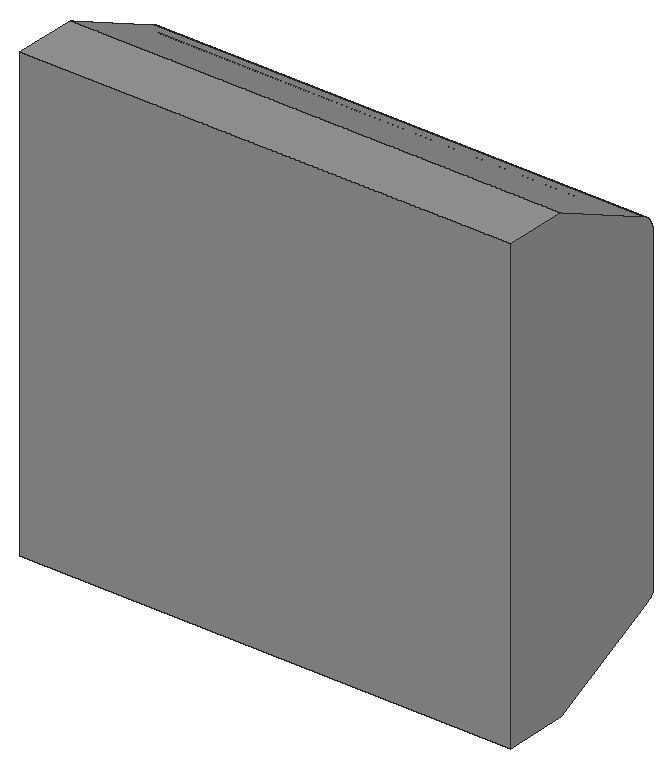
Revit family "706510001_Dispensador de Toallas", category Generic Models, host Wall, Revit 2019
Family settings
  Host = Wall
  Can host rebar = No
  Round Connector Dimension = Use Diameter
  Part Type = Normal
  OmniClass Number = 23.31.25.19.13
  OmniClass Title = Paper Towel Dispenser With Disposal Units
  Always vertical = Yes
  Cut with Voids When Loaded = No
  Shared = No
  Room Calculation Point = No
Parameters (values of type "Ref. 706510001 Dispensador de Toallas")
  URL = "https://corona.co/productos/accesorios/dispensador-de-toallas/p/706150001"
  Tipología = "Dispensador"  # constant formula
  Profundidad = 102 mm
  Peso Neto aprox = "1,480 g 3.262844142 lb."  # constant formula
  Peso Bruto aprox = "1,660 g 3.6597 lb"  # constant formula
  Material = Corona_Acero inoxidable
  Manufacturer = "Corona"  # constant formula
  Garantía Acabados = "3 años"  # constant formula
  Fecha de creación = "22/07/2020"  # constant formula
  Dimensiones generales del producto = "Largo (cm) 280 ancho (cm)\r\n102 alto (cm) 248."  # constant formula
  Description = "Tamaño ajustado para adecuar en diferentes baños\r\n• Visor de nivel de toallas para abastecimiento.\r\n• Cerradura de llave (incluye juegos para mantenimiento).\r\n• Sistema de fijación extrema, ideal para instituciones de alto tráfico.\r\n• Fabricación en acero inoxidable ofreciendo mayor calidad y servicio."  # constant formula
  Creado por = "IDD"  # constant formula
  Capacidad de toallas pleglables = "200"  # constant formula
  Capacidad de toallas doblez sencillo = "150"  # constant formula
  Años de Garantía = "1 año"  # constant formula
  Ancho = 282 mm
  Alto = 260 mm
  Acabado = "Cromado"  # constant formula
Reference planes
  plane 1 "Wall": y = 0
  plane 2 "Center (Left/Right)": x = 125
  plane 3 "Back": y = 75
  plane 4: y = 177
  plane 5: x = -16
  plane 6: x = 266
  plane 7: z = 260
  plane 8: x = 263
Forms (mm)
  Extrusion 1, solid, material "Corona_Acero inoxidable" <- "Material", detail levels coarse
    sketch origin (0, 0, 0) x (1, 0, 0) y (0, 0, 1)
      loop
        line (266, 260) -> (-16, 260) -> (-16, 0) -> (266, 0) -> (266, 260)
    from -177 to -75
  Extrusion 2, solid, material "Corona_Acero inoxidable", detail levels medium+fine
    sketch origin (125, 0, 0) x (0, 1, 0) y (0, 0, 1)
      loop
        line (111.4, 0) -> (173.865, 32.228)
        arc (173.865, 32.228) -> (176.134, 33.877) -> (177.001, 36.545) r 4.539
        line (177.001, 36.545) -> (177.001, 223.455)
        arc (177.001, 223.455) -> (175.063, 228.458) -> (170.789, 231.699) r 9.835
        line (170.789, 231.699) -> (111.4, 260) -> (75, 260) -> (75, 0) -> (111.4, 0)
      loop
        line (174.001, 35.674) -> (174.001, 223.303)
        arc (174.001, 223.303) -> (172.599, 226.742) -> (169.605, 228.94) r 6.835
        line (169.605, 228.94) -> (110.722, 257) -> (78, 257) -> (78, 3) -> (110.672, 3) -> (174.001, 35.674)
    from -141 to 141
  Extrusion 3, solid, material "Corona_Acero inoxidable", detail levels medium+fine
    sketch origin (125, 0, 0) x (0, 1, 0) y (0, 0, 1)
      loop
        line (78, 257) -> (78, 3) -> (110.672, 3) -> (174.001, 35.674) -> (174.001, 223.303)
        arc (174.001, 223.303) -> (172.599, 226.742) -> (169.605, 228.94) r 6.835
        line (169.605, 228.94) -> (110.722, 257) -> (78, 257)
    from 138 to 141
  Extrusion 4, void, detail levels medium+fine
    sketch origin (0, 0, 0) x (1, 0, 0) y (0, 0, 1)
      loop
        line (128.475, 46.15) -> (126.558, 70.109)
        arc (126.558, 70.109) -> (124.88, 71.787) -> (123.202, 70.109) r 1.678
        line (123.202, 70.109) -> (121.525, 46.15)
        arc (121.525, 46.15) -> (125, 42.675) -> (128.475, 46.15) r 3.475
    from -177 to -174.001
  Extrusion 5, solid, material "Corona_Acero inoxidable", detail levels medium+fine
    sketch origin (-154, 0, 0) x (0, 1, 0) y (0, 0, 1)
      loop
        line (78, 257) -> (78, 3) -> (110.672, 3) -> (174.001, 35.674) -> (174.001, 223.303)
        arc (174.001, 223.303) -> (172.599, 226.742) -> (169.605, 228.94) r 6.835
        line (169.605, 228.94) -> (110.722, 257) -> (78, 257)
    from 138 to 141
Cuts and joins
  Extrusion 4 cuts Extrusion 1
  Extrusion 4 cuts Extrusion 2
  joined: Extrusion 2, Extrusion 3, Extrusion 5
Text (mm)
  text "Placement Side" at (-1848.837, 1116.779, 0), in view "Ref. Level"
  text "Placement side" at (0, 1409.804, 2854.306), in view "Left"
  text "Placement side" at (0, 499.811, 2980.732), in view "Right"
Dimensions and locks
  locked: plane 3 "Back" to host wall
  "Ancho": plane 5 to plane 6
  equal spacing: plane 5, plane 2 "Center (Left/Right)", plane 6
  "Profundidad": plane 4 to plane 3 "Back"
  level to plane 7 = 260 mm
  "Alto": plane 7 to level
  aligned and locked: plane 1 "Wall" to host wall
  aligned and locked: Extrusion 2 sketch curve to nested 1
  aligned and locked: Extrusion 2 to plane 5
  aligned and locked: plane 6 to Extrusion 2
  aligned and locked: plane 6 to Extrusion 3
  aligned and locked: plane 4 to Extrusion 4
  aligned and locked: nested 1 to Extrusion 4
  aligned and locked: Extrusion 5 to plane 5
  aligned and locked: Extrusion 5 to nested 2
  aligned and locked: Extrusion 1 to Extrusion 4
  aligned and locked: Extrusion 1 to host wall
Automatic sketch dimensions
  Extrusion 4 sketch curve to plane 2 "Center (Left/Right)" = 0 mm
  Extrusion 4 sketch curve to plane 2 "Center (Left/Right)" = 0.12 mm
  Extrusion 4 sketch curve to Extrusion 4 sketch curve = 1.678 mm
  Extrusion 4 sketch curve to Extrusion 4 sketch curve = 3.475 mm
  level to Extrusion 4 sketch curve = 46.15 mm
  Extrusion 4 sketch curve to Extrusion 4 sketch curve = 23.959 mm
  Extrusion 1 sketch curve to plane 5 = 0 mm
  Extrusion 1 sketch curve to level = 0 mm
  Extrusion 1 sketch curve to plane 6 = 0 mm
  Extrusion 1 sketch curve to plane 7 = 0 mm
  Extrusion 2 sketch curve to Extrusion 2 sketch curve = 0 mm  (x2)
  Extrusion 2 sketch curve to host wall = 0 mm
  Extrusion 2 sketch curve to level = 0 mm
  Extrusion 2 sketch curve to plane 7 = 0 mm
  host wall to Extrusion 2 sketch curve = 3 mm
  level to Extrusion 2 sketch curve = 3 mm
  Extrusion 2 sketch curve to Extrusion 2 sketch curve = 32.672 mm
  Extrusion 2 sketch curve to Extrusion 2 sketch curve = 32.722 mm
  Extrusion 2 sketch curve to Extrusion 2 sketch curve = 0.728 mm
  Extrusion 2 sketch curve to Extrusion 2 sketch curve = 0.678 mm
  Extrusion 2 sketch curve to plane 4 = 9.791 mm
  Extrusion 2 sketch curve to Extrusion 2 sketch curve = 2.396 mm
  Extrusion 2 sketch curve to Extrusion 2 sketch curve = 1.184 mm
  Extrusion 2 sketch curve to plane 4 = 4.538 mm
  Extrusion 2 sketch curve to plane 4 = 3.135 mm
  Extrusion 2 sketch curve to plane 4 = 2.999 mm
  plane 4 to Extrusion 2 sketch curve = 0.001 mm
  level to Extrusion 2 sketch curve = 32.228 mm
  Extrusion 2 sketch curve to Extrusion 2 sketch curve = 0.871 mm
  Extrusion 2 sketch curve to plane 7 = 37.461 mm
  Extrusion 2 sketch curve to Extrusion 2 sketch curve = 0.764 mm
  Extrusion 2 sketch curve to Extrusion 2 sketch curve = 0.153 mm
  host wall to Extrusion 3 sketch curve = 3 mm
  level to Extrusion 3 sketch curve = 3 mm
  Extrusion 3 sketch curve to Extrusion 3 sketch curve = 32.672 mm
  Extrusion 3 sketch curve to plane 7 = 3 mm
  Extrusion 3 sketch curve to Extrusion 3 sketch curve = 32.722 mm
  Extrusion 3 sketch curve to plane 4 = 9.791 mm
  Extrusion 3 sketch curve to Extrusion 3 sketch curve = 2.396 mm
  Extrusion 3 sketch curve to plane 4 = 2.999 mm
  level to Extrusion 3 sketch curve = 35.674 mm
  Extrusion 3 sketch curve to plane 7 = 37.461 mm
  Extrusion 3 sketch curve to Extrusion 3 sketch curve = 0.764 mm
  host wall to Extrusion 5 sketch curve = 3 mm
  level to Extrusion 5 sketch curve = 3 mm
  Extrusion 5 sketch curve to Extrusion 5 sketch curve = 32.672 mm
  Extrusion 5 sketch curve to plane 7 = 3 mm
  Extrusion 5 sketch curve to Extrusion 5 sketch curve = 32.722 mm
  Extrusion 5 sketch curve to plane 4 = 9.791 mm
  Extrusion 5 sketch curve to Extrusion 5 sketch curve = 2.396 mm
  Extrusion 5 sketch curve to plane 4 = 2.999 mm
  level to Extrusion 5 sketch curve = 35.674 mm
  Extrusion 5 sketch curve to plane 7 = 37.461 mm
  Extrusion 5 sketch curve to Extrusion 5 sketch curve = 0.764 mm
Nested families
  nested 1: "Family13" at (125, 75, 0) x (0, -1, 0) z (1, 0, 0), type "Family13"
  nested 2: "Family12" at (125, 0, 0) x (1, 0, 0) z (0, -1, 0), type "Family12"
  nested 3: "Family14" at (125, 75, 0), type "Family14"
Definition of nested family "Family13"
  Reference planes
    plane 1 "Center (Front/Back)": y = 0
    plane 2: z = 0
    plane 3 "Center (Left/Right)": x = 0
  Lines and regions (mm)
    detail lines, in view "Ref. Level"
      curve 1: line (-36.4, 260, 0) -> (0, 260, 0)
      curve 2: line (0, 260, 0) -> (0, 0, 0)
      curve 3: line (-3, 257, 0) -> (-3, 3, 0)
      curve 4: line (-35.722, 257, 0) -> (-3, 257, 0)
      curve 5: line (-102.001, 223.455, 0) -> (-102.001, 36.545, 0)
      curve 6: line (-36.4, 260, 0) -> (-95.789, 231.699, 0)
      curve 7: arc (-95.789, 231.699, 0) -> (-100.063, 228.458, 0) -> (-102.001, 223.455, 0) r 9.835
      curve 8: arc (-102.001, 36.545, 0) -> (-101.134, 33.877, 0) -> (-98.865, 32.228, 0) r 4.539
      curve 9: line (-98.865, 32.228, 0) -> (-36.4, 0, 0)
      curve 10: line (-36.4, 0, 0) -> (0, 0, 0)
      curve 11: line (-35.672, 3, 0) -> (-3, 3, 0)
      curve 12: line (-99.001, 35.674, 0) -> (-35.672, 3, 0)
      curve 13: line (-99.001, 223.303, 0) -> (-99.001, 35.674, 0)
      curve 14: line (-35.722, 257, 0) -> (-94.605, 228.94, 0)
      curve 15: arc (-94.605, 228.94, 0) -> (-97.599, 226.742, 0) -> (-99.001, 223.303, 0) r 6.835
Definition of nested family "Family12"
  Reference planes
    plane 1 "Center (Front/Back)": y = 0
    plane 2: z = 0
    plane 3 "Center (Left/Right)": x = 0
  Lines and regions (mm)
    detail lines, in view "Ref. Level"
      curve 1: line (-135.974, 260, 0) -> (135.974, 260, 0)
      curve 2: line (141, 254.901, 0) -> (141, 5.099, 0)
      curve 3: line (135.974, 0, 0) -> (-135.974, 0, 0)
      curve 4: line (-141, 5.099, 0) -> (-141, 254.901, 0)
      curve 5: line (138, 254.833, 0) -> (138, 5.167, 0)
      curve 6: line (-138, 5.167, 0) -> (-138, 254.833, 0)
      curve 7: line (-135.88, 257, 0) -> (135.88, 257, 0)
      curve 8: line (135.88, 3, 0) -> (-135.88, 3, 0)
      curve 9: line (-138, 232.1, 0) -> (138, 232.1, 0)
      curve 10: line (-138, 28.9, 0) -> (138, 28.9, 0)
      curve 11: line (3.475, 46.15, 0) -> (1.558, 70.109, 0)
      curve 12: line (-1.798, 70.109, 0) -> (-3.475, 46.15, 0)
      curve 13: arc (-1.798, 70.109, 0) -> (-0.12, 71.787, 0) -> (1.558, 70.109, 0) r 1.678
      curve 14: arc (3.475, 46.15, 0) -> (0, 42.675, 0) -> (-3.475, 46.15, 0) r 3.475
      curve 15: arc (135.974, 0, 0) -> (139.477, 1.574, 0) -> (141, 5.099, 0) r 5.305
      curve 16: arc (-135.974, 0, 0) -> (-139.477, 1.574, 0) -> (-141, 5.099, 0) r 5.305
      curve 17: arc (-138, 5.167, 0) -> (-137.346, 3.686, 0) -> (-135.88, 3, 0) r 2.305
      curve 18: arc (135.88, 3, 0) -> (137.346, 3.686, 0) -> (138, 5.167, 0) r 2.305
      curve 19: arc (135.974, 260, 0) -> (139.477, 258.426, 0) -> (141, 254.901, 0) r 5.305
      curve 20: arc (-135.974, 260, 0) -> (-139.477, 258.426, 0) -> (-141, 254.901, 0) r 5.305
      curve 21: arc (-138, 254.833, 0) -> (-137.346, 256.314, 0) -> (-135.88, 257, 0) r 2.305
      curve 22: arc (135.88, 257, 0) -> (137.346, 256.314, 0) -> (138, 254.833, 0) r 2.305
Definition of nested family "Family14"
  Reference planes
    plane 1 "Center (Front/Back)": y = 0
    plane 2: z = 0
    plane 3 "Center (Left/Right)": x = 0
  Lines and regions (mm)
    detail lines, in view "Ref. Level"
      curve 1: line (-141, 102, 0) -> (141, 102, 0)
      curve 2: line (141, 102, 0) -> (141, 0, 0)
      curve 3: line (141, 0, 0) -> (-141, 0, 0)
      curve 4: line (-141, 0, 0) -> (-141, 102, 0)
      curve 5: line (-138, 99, 0) -> (138, 99, 0)
      curve 6: line (-138, 3, 0) -> (138, 3, 0)
      curve 7: line (-138, 3, 0) -> (-138, 99, 0)
      curve 8: line (138, 99, 0) -> (138, 3, 0)
      curve 9: line (-141, 36.4, 0) -> (141, 36.4, 0)
      curve 10: line (-138, 35.7, 0) -> (138, 35.7, 0)
      curve 11: line (-141, 95.789, 0) -> (141, 95.789, 0)
      curve 12: line (-138, 95.089, 0) -> (138, 95.089, 0)
